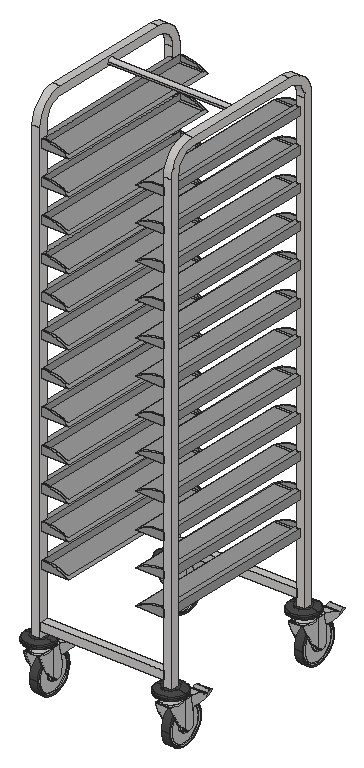
Revit family "QF_BOURGEAT_chariot_cafeteria_12plateaux_modele_demontable_couleur", category Equipement spécialisé, Revit 2015
Parameters (values of type "chariot_modele_haut_glissieres_beiges_sans_panneaux")
  panneaux_lateraux_verts = no
  panneaux_lateraux_rouges = no
  panneaux_lateraux_bleus = no
  URL catalogue = "http://www.bourgeat.fr"
  URL = ""
  Type article = ""
  Spécification du Fabricant = "CHARIOT CAFETERIA"
  Profondeur hors tout = 620 mm
  Poids net à vide = 18.00 kg
  Modèle = "781006"
  Longueur hors tout = 510 mm
  Hauteur hors tout = 1700 mm
  Fabricant = "BOURGEAT"
  Contact SAV = "0033(0)4.76.32.14.44"
  Charge max = 60.00 kg
Types (5, lengths in mm): name | panneaux_lateraux_verts | panneaux_lateraux_rouges | panneaux_lateraux_bleus | Poids net à vide | Modèle
  (no name) | no | no | no | 18.00 kg | "781006"
  chariot_modele_haut_glissieres_beiges_sans_panneaux | no | no | no | 18.00 kg | "781006"
  chariot_modele_haut_glissieres_beiges_avec_2panneaux_bleus | no | no | yes | 24.00 kg | "781206"
  chariot_modele_haut_glissieres_beiges_avec_2panneaux_verts | yes | no | no | 24.00 kg | "781306"
  chariot_modele_haut_glissieres_beiges_avec_2panneaux_rouges | no | yes | no | 24.00 kg | "781406"
Reference planes
  plane 1 "Centre (avant/arrière)": y = 0
  plane 2: z = 0
  plane 3 "Centre (gauche/droite)": x = 0
  plane 4: z = 227.8
  plane 5: z = 182
  plane 6: z = 202.8
  plane 7: y = 12.5
  plane 8: y = -12.5
  plane 9: x = 219.5
  plane 10: x = -219.5
  plane 11: z = 1570
  plane 12: z = 1462
  plane 13: z = 1354
  plane 14: z = 1246
  plane 15: z = 1138
  plane 16: z = 1030
  plane 17: z = 922
  plane 18: z = 814
  plane 19: z = 706
  plane 20: z = 598
  plane 21: z = 490
  plane 22: z = 382
  plane 23: z = 1674
  plane 24: x = -194.5
Forms (mm)
  Extrusion 1, solid, material "Acier inoxydable, brossé"
    sketch origin (0, 0, 0) x (0, 1, 0) y (0, 0, 1)
      loop
        line (-274, 228) -> (-274, 202.8) -> (-249, 202.8) -> (-249, 228) -> (-274, 228)
      loop
        line (249, 202.8) -> (274, 202.8) -> (274, 228) -> (249, 228) -> (249, 202.8)
    from -194.5 to 194.5
  Extrusion 2, solid, material "Acier inoxydable, brossé"
    sketch origin (0, 0, 0) x (0, 1, 0) y (0, 0, 1)
      loop
        circle (0, 1690.5) r 9
    from -194.5 to 194.5
Dimensions and locks
  plane 4 to plane 6 = 25 mm
  plane 10 to plane 9 = 439 mm
  plane 4 to plane 2 = 227.8 mm
  equal spacing: group 1, group 2, group 3, group 4, group 5, group 6, group 7, group 8, group 9, group 10, group 11, group 12  (x2)
  equal spacing: group 12, group 11, group 10, group 9, group 8, group 7, group 6, group 5, group 4, group 3, group 2, group 1
  aligned and locked: level to plane 2
  aligned and locked: plane 6 to Extrusion 1 sketch curve
  aligned and locked: Extrusion 1 sketch curve to plane 6
  aligned and locked: plane 10 to nested 4
  aligned and locked: plane 9 to nested 5
  aligned and locked: nested 4 to nested 1
  aligned and locked: nested 2 to nested 4
  aligned and locked: nested 3 to nested 5
  aligned and locked: nested 6 to nested 5
  aligned and locked: nested 5 to nested 6
  aligned and locked: Extrusion 1 to nested 5
  aligned and locked: Extrusion 1 to nested 4
  aligned and locked: Extrusion 2 to nested 5
  aligned and locked: Extrusion 2 to nested 4
  aligned and locked: plane 5 to nested 4
  aligned and locked: nested 5 to plane 5
  aligned and locked: plane 11 to nested 7
  aligned and locked: plane 24 to nested 7
  aligned and locked: plane 24 to nested 8
  aligned and locked: plane 24 to nested 4
  aligned and locked: plane 23 to nested 35
  aligned and locked: plane 23 to nested 32
  aligned and locked: plane 23 to nested 34
  aligned and locked: plane 23 to nested 36
  aligned and locked: nested 31 to nested 7
  aligned and locked: nested 33 to nested 7
  aligned and locked: nested 35 to nested 7
  aligned and locked: nested 32 to nested 19
  aligned and locked: nested 34 to nested 19
  aligned and locked: nested 36 to nested 19
Nested families
  nested 1: "ROULETTE_H182" at (-207, 261.5, 0), type "ROULETTE_H182"
    with Sans frein yes, Avec frein yes
  nested 2: "ROULETTE_H182" at (-207, -261.5, 0), type "ROULETTE_H182"
    with Sans frein yes, Avec frein yes
  nested 3: "ROULETTE_H182" at (207, -261.5, 0), type "ROULETTE_H182"
    with Sans frein yes, Avec frein yes
  nested 4: "montant_U_grand_modele" at (-207, 0, 182) x (0, 1, 0) z (0, 0, 1), type "montant_U_grand_modele"
  nested 5: "montant_U_grand_modele" at (207, 0, 182) x (0, 1, 0) z (0, 0, 1), type "montant_U_grand_modele"
  nested 6: "ROULETTE_H182" at (207, 261.5, 0), type "ROULETTE_H182"
    with Sans frein yes, Avec frein yes
  nested 7: "glissiere_polypropylene_beige" at (-204.5, 0, 1565), type "glissiere_polypropylene_beige"
  nested 8: "glissiere_polypropylene_beige" at (-204.5, 0, 1457), type "glissiere_polypropylene_beige"
  nested 9: "glissiere_polypropylene_beige" at (-204.5, 0, 1349), type "glissiere_polypropylene_beige"
  nested 10: "glissiere_polypropylene_beige" at (-204.5, 0, 1241), type "glissiere_polypropylene_beige"
  nested 11: "glissiere_polypropylene_beige" at (-204.5, 0, 1133), type "glissiere_polypropylene_beige"
  nested 12: "glissiere_polypropylene_beige" at (-204.5, 0, 1025), type "glissiere_polypropylene_beige"
  nested 13: "glissiere_polypropylene_beige" at (-204.5, 0, 917), type "glissiere_polypropylene_beige"
  nested 14: "glissiere_polypropylene_beige" at (-204.5, 0, 809), type "glissiere_polypropylene_beige"
  nested 15: "glissiere_polypropylene_beige" at (-204.5, 0, 701), type "glissiere_polypropylene_beige"
  nested 16: "glissiere_polypropylene_beige" at (-204.5, 0, 593), type "glissiere_polypropylene_beige"
  nested 17: "glissiere_polypropylene_beige" at (-204.5, 0, 485), type "glissiere_polypropylene_beige"
  nested 18: "glissiere_polypropylene_beige" at (-204.5, 0, 377), type "glissiere_polypropylene_beige"
  nested 19: "glissiere_polypropylene_beige" at (204.5, 0, 1565) x (-1, 0, 0) z (0, 0, 1), type "glissiere_polypropylene_beige"
  nested 20: "glissiere_polypropylene_beige" at (204.5, 0, 1457) x (-1, 0, 0) z (0, 0, 1), type "glissiere_polypropylene_beige"
  nested 21: "glissiere_polypropylene_beige" at (204.5, 0, 1349) x (-1, 0, 0) z (0, 0, 1), type "glissiere_polypropylene_beige"
  nested 22: "glissiere_polypropylene_beige" at (204.5, 0, 1241) x (-1, 0, 0) z (0, 0, 1), type "glissiere_polypropylene_beige"
  nested 23: "glissiere_polypropylene_beige" at (204.5, 0, 1133) x (-1, 0, 0) z (0, 0, 1), type "glissiere_polypropylene_beige"
  nested 24: "glissiere_polypropylene_beige" at (204.5, 0, 1025) x (-1, 0, 0) z (0, 0, 1), type "glissiere_polypropylene_beige"
  nested 25: "glissiere_polypropylene_beige" at (204.5, 0, 917) x (-1, 0, 0) z (0, 0, 1), type "glissiere_polypropylene_beige"
  nested 26: "glissiere_polypropylene_beige" at (204.5, 0, 809) x (-1, 0, 0) z (0, 0, 1), type "glissiere_polypropylene_beige"
  nested 27: "glissiere_polypropylene_beige" at (204.5, 0, 701) x (-1, 0, 0) z (0, 0, 1), type "glissiere_polypropylene_beige"
  nested 28: "glissiere_polypropylene_beige" at (204.5, 0, 593) x (-1, 0, 0) z (0, 0, 1), type "glissiere_polypropylene_beige"
  nested 29: "glissiere_polypropylene_beige" at (204.5, 0, 485) x (-1, 0, 0) z (0, 0, 1), type "glissiere_polypropylene_beige"
  nested 30: "glissiere_polypropylene_beige" at (204.5, 0, 377) x (-1, 0, 0) z (0, 0, 1), type "glissiere_polypropylene_beige"
  nested 31: "panneaux_lateraux_rouge_grand_modele" at (-208.5, 0, 254) x (0, 1, 0) z (0, 0, 1), visible <- "panneaux_lateraux_rouges", type "panneaux_lateraux_rouge_grand_modele"
  nested 32: "panneaux_lateraux_rouge_grand_modele" at (204.5, 0, 254) x (0, 1, 0) z (0, 0, 1), visible <- "panneaux_lateraux_rouges", type "panneaux_lateraux_rouge_grand_modele"
  nested 33: "panneaux_lateraux_bleus_grand_modele" at (-208.5, 0, 254) x (0, 1, 0) z (0, 0, 1), visible <- "panneaux_lateraux_bleus", type "panneaux_lateraux_bleus_grand_modele"
  nested 34: "panneaux_lateraux_bleus_grand_modele" at (204.5, 0, 254) x (0, 1, 0) z (0, 0, 1), visible <- "panneaux_lateraux_bleus", type "panneaux_lateraux_bleus_grand_modele"
  nested 35: "panneaux_lateraux_vert_grand_modele" at (-208.5, 0, 254) x (0, 1, 0) z (0, 0, 1), visible <- "panneaux_lateraux_verts", type "panneaux_lateraux_vert_grand_modele"
  nested 36: "panneaux_lateraux_vert_grand_modele" at (204.5, 0, 254) x (0, 1, 0) z (0, 0, 1), visible <- "panneaux_lateraux_verts", type "panneaux_lateraux_vert_grand_modele"
Definition of nested family "ROULETTE_H182"
  Parameters (values of type "ROULETTE_H182")
    Sans frein [instance] = yes
    Avec frein [instance] = yes
  Reference planes
    plane 1 "Centre (avant/arrière)": y = 0
    plane 2: z = 0
    plane 3 "Centre (gauche/droite)": x = 0
    plane 4: y = 40.851
    plane 5: z = 62.5
  Forms (mm)
    Extrusion 1, solid
      sketch origin (0, 0, 0) x (0, 1, 0) y (0, 0, 1)
        loop
          circle (40.851, 62.5) r 62.5
        loop
          circle (40.851, 62.5) r 57.5
      from -12.5 to 12.5
    Revolve 2, solid
      sketch origin (0, 0, 30.333) x (1, 0, 0) y (0, 0, 1)
        loop
          line (0, 151.667) -> (-25, 151.667) -> (-45.338, 146.217)
          arc (-45.338, 146.217) -> (-46.897, 145.175) -> (-47.5, 143.4) r 2.917
          line (-47.5, 143.4) -> (-47.5, 138.833)
          arc (-47.5, 138.833) -> (-47.012, 137.655) -> (-45.833, 137.167) r 1.667
          line (-45.833, 137.167) -> (-24.607, 137.167) -> (-24, 132.667) -> (0, 132.667) -> (0, 151.667)
        axis (0, 151.667) -> (0, 132.667)
      angle from 0 to 360
    Revolve 3, solid
      sketch origin (0, 0, 0) x (0, 1, 0) y (0, 0, 1)
        loop
          line (0, 163) -> (-20.149, 163) -> (-20.149, 159.41) -> (-21.6, 159.41)
          arc (-21.6, 159.41) -> (-24.448, 158.65) -> (-26.537, 156.572) r 5.712
          line (-26.537, 156.572) -> (-30.146, 147.743) -> (-26.999, 147.062) -> (-26.999, 146.112)
          arc (-26.999, 146.112) -> (-27.23, 145.314) -> (-27.849, 144.761) r 1.5
          arc (-27.849, 144.761) -> (-29.223, 143.633) -> (-29.923, 142) r 3.75
          line (-29.923, 142) -> (0, 142) -> (0, 163)
        axis (0, 163) -> (0, 142)
      angle from 0 to 360
    Extrusion 4, solid
      sketch origin (0, 0, 0) x (0, 1, 0) y (0, 0, -1)
        loop
          line (-29.974, -138.241) -> (-29.974, -142) -> (21.747, -142) -> (21.747, -60.336)
          arc (21.747, -60.336) -> (10.272, -70.702) -> (-0.149, -82.127) r 160.057
          arc (-0.149, -82.127) -> (-17.883, -108.684) -> (-29.974, -138.241) r 159.585
      from -24.913 to -23.038
    Extrusion 5, solid
      sketch origin (0, 0, 0) x (0, 1, 0) y (0, 0, 1)
        loop
          line (-29.974, 142) -> (-29.974, 140.869) -> (21.747, 140.869) -> (21.747, 142) -> (-29.974, 142)
      from -23.038 to 23.038
    Extrusion 6, solid
      sketch origin (0, 0, 0) x (0, 1, 0) y (0, 0, 1)
        loop
          circle (40.851, 62.5) r 57.5
        loop
          circle (40.851, 62.5) r 55
      from -12.5 to 12.5
    Extrusion 7, solid
      sketch origin (0, 0, 0) x (0, 1, 0) y (0, 0, 1)
        loop
          circle (40.851, 62.5) r 55
      from -7 to 7
    Extrusion 8, solid
      sketch origin (0, 0, 0) x (0, 1, 0) y (0, 0, 1)
        loop
          circle (40.851, 62.5) r 21
      from 7 to 15
    Extrusion 9, solid
      sketch origin (0, 0, 0) x (0, 1, 0) y (0, 0, -1)
        loop
          circle (40.851, -62.5) r 16
      from -23.038 to -15
    Extrusion 10, solid, visible <- "Sans frein"
      sketch origin (0, 0, 0) x (0, 1, 0) y (0, 0, 1)
        loop
          arc (21.747, 60.336) -> (23.188, 59.17) -> (24.642, 58.02) r 161.23
          arc (24.642, 58.02) -> (29.34, 54.513) -> (34.187, 51.216) r 133.333
          arc (34.187, 51.216) -> (46.517, 50.3) -> (53.927, 60.198) r 12.867
          arc (53.927, 60.198) -> (54.714, 99.183) -> (46.119, 137.216) r 161.222
          arc (46.119, 137.216) -> (45.679, 138.887) -> (45.531, 140.609) r 10.076
          line (45.531, 140.609) -> (45.531, 142) -> (21.747, 142) -> (21.747, 60.336)
      from 23.038 to 24.913
    Extrusion 11, solid, visible <- "Sans frein"
      sketch origin (0, 0, 0) x (0, 1, 0) y (0, 0, 1)
        loop
          line (21.747, 142) -> (21.747, 140.701) -> (48.851, 140.701) -> (48.851, 142) -> (21.747, 142)
      from -23.038 to 23.038
    Extrusion 12, solid, visible <- "Avec frein"
      sketch origin (0, 0, 0) x (0, 1, 0) y (0, 0, 1)
        loop
          line (21.747, 142) -> (21.747, 60.336)
          arc (21.747, 60.336) -> (23.177, 59.179) -> (24.62, 58.038) r 160.008
          arc (24.62, 58.038) -> (29.041, 54.705) -> (33.574, 51.527) r 160
          arc (33.574, 51.527) -> (46.135, 50.422) -> (53.724, 60.491) r 13
          arc (53.724, 60.491) -> (55.279, 82.092) -> (53.902, 103.704) r 160
          arc (53.902, 103.704) -> (55.53, 108.653) -> (60.415, 110.463) r 6
          arc (60.415, 110.463) -> (80.625, 109.924) -> (100.725, 112.107) r 150
          arc (100.725, 112.107) -> (104.408, 113.406) -> (107.479, 115.819) r 12
          line (107.479, 115.819) -> (110.851, 121.523)
          arc (110.851, 121.523) -> (85.913, 134.651) -> (58.706, 142) r 127.902
          line (58.706, 142) -> (21.747, 142)
      from 23.038 to 24.913
    Extrusion 13, solid, visible <- "Avec frein"
      sketch origin (0, 0, 0) x (0, 1, 0) y (0, 0, 1)
        loop
          line (58.706, 142) -> (21.747, 142) -> (21.747, 140) -> (58.552, 140)
          arc (58.552, 140) -> (85.253, 132.762) -> (109.73, 119.866) r 125.902
          line (109.73, 119.866) -> (110.851, 121.523)
          arc (110.851, 121.523) -> (85.913, 134.651) -> (58.706, 142) r 127.902
      from -23.038 to 23.038
    Extrusion 14, solid, visible <- "Avec frein"
      sketch origin (0, 19.896, 18.175) x (0, 1, 0) y (0, 0, 1)
        loop
          line (87.583, 97.644) -> (91.829, 95.227)
          arc (91.829, 95.227) -> (93.8, 95.006) -> (95.312, 96.29) r 2.5
          arc (95.312, 96.29) -> (103.495, 100.002) -> (111.176, 104.666) r 74.999
          line (111.176, 104.666) -> (110.852, 105.929)
          arc (110.852, 105.929) -> (110.04, 107.086) -> (108.666, 107.417) r 2
          arc (108.666, 107.417) -> (101.396, 105.849) -> (94.512, 103.034) r 42.354
          line (94.512, 103.034) -> (93.479, 101.228) -> (93.285, 100.414) -> (91.69, 101.675) -> (90.401, 102.412) -> (87.583, 97.644)
      from -23.038 to 23.038
    Extrusion 15, solid, not visible
      sketch origin (0, 0, 0) x (0, 1, 0) y (0, 0, -1)
        loop
          line (-29.974, -138.241) -> (-29.974, -142) -> (21.747, -142) -> (21.747, -60.336)
          arc (21.747, -60.336) -> (10.272, -70.702) -> (-0.149, -82.127) r 160.057
          arc (-0.149, -82.127) -> (-17.883, -108.684) -> (-29.974, -138.241) r 159.585
      from -24.913 to -23.038
    Extrusion 16, solid, not visible
      sketch origin (0, 0, 0) x (0, 1, 0) y (0, 0, 1)
        loop
          circle (40.851, 62.5) r 21
      from 7 to 15
    Extrusion 17, solid, not visible
      sketch origin (0, 0, 0) x (0, 1, 0) y (0, 0, -1)
        loop
          circle (40.851, -62.5) r 16
      from -23.038 to -15
    Extrusion 18, solid, visible <- "Sans frein", not visible
      sketch origin (0, 0, 0) x (0, 1, 0) y (0, 0, 1)
        loop
          arc (21.747, 60.336) -> (23.188, 59.17) -> (24.642, 58.02) r 161.23
          arc (24.642, 58.02) -> (29.34, 54.513) -> (34.187, 51.216) r 133.333
          arc (34.187, 51.216) -> (46.517, 50.3) -> (53.927, 60.198) r 12.867
          arc (53.927, 60.198) -> (54.714, 99.183) -> (46.119, 137.216) r 161.222
          arc (46.119, 137.216) -> (45.679, 138.887) -> (45.531, 140.609) r 10.076
          line (45.531, 140.609) -> (45.531, 142) -> (21.747, 142) -> (21.747, 60.336)
      from 23.038 to 24.913
    Extrusion 19, solid, visible <- "Avec frein", not visible
      sketch origin (0, 0, 0) x (0, 1, 0) y (0, 0, 1)
        loop
          line (21.747, 142) -> (21.747, 60.336)
          arc (21.747, 60.336) -> (23.177, 59.179) -> (24.62, 58.038) r 160.008
          arc (24.62, 58.038) -> (29.041, 54.705) -> (33.574, 51.527) r 160
          arc (33.574, 51.527) -> (46.135, 50.422) -> (53.724, 60.491) r 13
          arc (53.724, 60.491) -> (55.279, 82.092) -> (53.902, 103.704) r 160
          arc (53.902, 103.704) -> (55.53, 108.653) -> (60.415, 110.463) r 6
          arc (60.415, 110.463) -> (80.625, 109.924) -> (100.725, 112.107) r 150
          arc (100.725, 112.107) -> (104.408, 113.406) -> (107.479, 115.819) r 12
          line (107.479, 115.819) -> (110.851, 121.523)
          arc (110.851, 121.523) -> (85.913, 134.651) -> (58.706, 142) r 127.902
          line (58.706, 142) -> (21.747, 142)
      from 23.038 to 24.913
    Extrusion 20, solid
      sketch origin (0, 0, 0) x (0, -1, 0) y (0, 0, -1)
        loop
          arc (29.974, -138.241) -> (17.883, -108.684) -> (0.149, -82.127) r 159.585
          arc (0.149, -82.127) -> (-10.272, -70.702) -> (-21.747, -60.336) r 160.057
          line (-21.747, -60.336) -> (-21.747, -142) -> (29.974, -142) -> (29.974, -138.241)
      from -24.913 to -23.038
    Extrusion 21, solid
      sketch origin (0, 0, 0) x (0, -1, 0) y (0, 0, 1)
        loop
          circle (-40.851, 62.5) r 21
      from 7 to 15
    Extrusion 22, solid
      sketch origin (0, 0, 0) x (0, -1, 0) y (0, 0, -1)
        loop
          circle (-40.851, -62.5) r 16
      from -23.038 to -15
    Extrusion 23, solid, visible <- "Sans frein"
      sketch origin (0, 0, 0) x (0, -1, 0) y (0, 0, 1)
        loop
          line (-21.747, 60.336) -> (-21.747, 142) -> (-45.531, 142) -> (-45.531, 140.609)
          arc (-45.531, 140.609) -> (-45.679, 138.887) -> (-46.119, 137.216) r 10.076
          arc (-46.119, 137.216) -> (-54.714, 99.183) -> (-53.927, 60.198) r 161.222
          arc (-53.927, 60.198) -> (-46.517, 50.3) -> (-34.187, 51.216) r 12.867
          arc (-34.187, 51.216) -> (-29.34, 54.513) -> (-24.642, 58.02) r 133.333
          arc (-24.642, 58.02) -> (-23.188, 59.17) -> (-21.747, 60.336) r 161.23
      from 23.038 to 24.913
    Extrusion 24, solid, visible <- "Avec frein"
      sketch origin (0, 0, 0) x (0, -1, 0) y (0, 0, 1)
        loop
          line (-21.747, 142) -> (-58.706, 142)
          arc (-58.706, 142) -> (-85.913, 134.651) -> (-110.851, 121.523) r 127.902
          line (-110.851, 121.523) -> (-107.479, 115.819)
          arc (-107.479, 115.819) -> (-104.408, 113.406) -> (-100.725, 112.107) r 12
          arc (-100.725, 112.107) -> (-80.625, 109.924) -> (-60.415, 110.463) r 150
          arc (-60.415, 110.463) -> (-55.53, 108.653) -> (-53.902, 103.704) r 6
          arc (-53.902, 103.704) -> (-55.279, 82.092) -> (-53.724, 60.491) r 160
          arc (-53.724, 60.491) -> (-46.135, 50.422) -> (-33.574, 51.527) r 13
          arc (-33.574, 51.527) -> (-29.041, 54.705) -> (-24.62, 58.038) r 160
          arc (-24.62, 58.038) -> (-23.177, 59.179) -> (-21.747, 60.336) r 160.008
          line (-21.747, 60.336) -> (-21.747, 142)
      from 23.038 to 24.913
  Dimensions and locks
    aligned and locked: level to plane 2
Definition of nested family "montant_U_grand_modele"
  Reference planes
    plane 1 "Centre (avant/arrière)": y = 0
    plane 2: z = 0
    plane 3 "Centre (gauche/droite)": x = 0
    plane 4: x = -261.5
    plane 5: x = 261.5
    plane 6: z = 1508.5
  Forms (mm)
    Sweep 1, solid
      path origin (0, 0, 0) x (1, 0, 0) y (0, 0, 1)
        loop
          line (-261.5, 0) -> (-261.5, 1438.5)
          arc (-261.5, 1438.5) -> (-240.997, 1487.997) -> (-191.5, 1508.5) r 70
          line (-191.5, 1508.5) -> (191.5, 1508.5)
          arc (191.5, 1508.5) -> (240.997, 1487.997) -> (261.5, 1438.5) r 70
          line (261.5, 1438.5) -> (261.5, 0)
      profile origin (-261.5, 0, 719.25) x (-1, 0, 0) y (0, -1, 0)
        loop
          line (-12.5, -12.5) -> (12.5, -12.5) -> (12.5, 12.5) -> (-12.5, 12.5) -> (-12.5, -12.5)
  Dimensions and locks
    equal spacing: plane 4, plane 3 "Centre (gauche/droite)", plane 5
    plane 6 to plane 2 = 1508.5 mm
    Sweep 1 to Sweep 1 = 548 mm
    aligned and locked: level to plane 2
    aligned and locked: Sweep 1 sketch curve to plane 4
    aligned and locked: Sweep 1 sketch curve to plane 6
    aligned and locked: Sweep 1 sketch curve to plane 5
  Automatic sketch dimensions
    Sweep 1 sketch curve to level = 0 mm  (x2)
    Sweep 1 sketch curve to plane 4 = 70 mm
    Sweep 1 sketch curve to Sweep 1 sketch curve = 70 mm
    Sweep 1 sketch curve to plane 1 "Centre (avant/arrière)" = 12.5 mm
    plane 1 "Centre (avant/arrière)" to Sweep 1 sketch curve = 12.5 mm
    profile plane to Sweep 1 sketch curve = 12.5 mm
    Sweep 1 sketch curve to profile plane = 12.5 mm
Definition of nested family "glissiere_polypropylene_beige"
  Reference planes
    plane 1 "Centre (avant/arrière)": y = 0
    plane 2: z = 0
    plane 3 "Centre (gauche/droite)": x = 0
    plane 4: z = 25
    plane 5: x = 100
    plane 6: x = 22
    plane 7: y = 272.5
    plane 8: y = -272.5
    plane 9: x = 15
    plane 10: y = -267.5
    plane 11: z = 5
    plane 12: y = 267.5
    plane 13: y = 247.7
    plane 14: y = -247.7
    plane 15: x = 10
  Forms (mm)
    Extrusion 1, solid
      sketch origin (0, 0, 0) x (1, 0, 0) y (0, 0, 1)
        loop
          line (0, 25) -> (0, 0) -> (100, 0)
          arc (100, 0) -> (62.954, 18.597) -> (22, 25) r 134.18
          line (22, 25) -> (0, 25)
      from -272.5 to 272.5
    Extrusion 2, void
      sketch origin (0, 0, 0) x (0, 1, 0) y (0, 0, 1)
        loop
          line (-264, 5) -> (264, 5)
          arc (264, 5) -> (266.475, 6.025) -> (267.5, 8.5) r 3.5
          line (267.5, 8.5) -> (267.5, 43.902) -> (-267.5, 43.902) -> (-267.5, 8.5)
          arc (-267.5, 8.5) -> (-266.475, 6.025) -> (-264, 5) r 3.5
      from 15 to 250
    Extrusion 3, void
      sketch origin (0, 0, 0) x (1, 0, 0) y (0, 1, 0)
        loop
          line (10, 247.7) -> (10, 289.852) -> (-26.988, 289.852) -> (-26.988, 247.7) -> (10, 247.7)
        loop
          line (10, -247.7) -> (-17.716, -247.7) -> (-17.716, -285.125) -> (10, -285.125) -> (10, -247.7)
      from -29.595 to 250
  Cuts and joins
    Extrusion 2, Extrusion 3 cuts Extrusion 1
  Dimensions and locks
    aligned and locked: level to plane 2
    aligned and locked: Extrusion 1 sketch curve to plane 3 "Centre (gauche/droite)"
    aligned and locked: Extrusion 1 sketch curve to plane 2
    aligned and locked: Extrusion 1 sketch curve to plane 4
    aligned and locked: plane 7 to Extrusion 1
    aligned and locked: plane 8 to Extrusion 1
    aligned and locked: Extrusion 2 sketch curve to plane 11
    aligned and locked: Extrusion 2 sketch curve to plane 10
    aligned and locked: plane 12 to Extrusion 2 sketch curve
    aligned and locked: Extrusion 2 to plane 9
    aligned and locked: plane 13 to Extrusion 3 sketch curve
    aligned and locked: plane 15 to Extrusion 3 sketch curve
    aligned and locked: plane 14 to Extrusion 3 sketch curve
    aligned and locked: Extrusion 3 sketch curve to plane 15
Definition of nested family "panneaux_lateraux_rouge_grand_modele"
  Reference planes
    plane 1 "Centre (avant/arrière)": y = 0
    plane 2: z = 0
    plane 3 "Centre (gauche/droite)": x = 0
    plane 4: x = -244
    plane 5: x = 244
    plane 6: z = 1420
    plane 7: y = -4
  Forms (mm)
    Extrusion 1, solid
      sketch origin (0, 0, 0) x (1, 0, 0) y (0, 0, 1)
        loop
          arc (-191.5, 1420) -> (-228.623, 1404.623) -> (-244, 1367.5) r 52.5
          line (-244, 1367.5) -> (-244, 0) -> (244, 0) -> (244, 1367.5)
          arc (244, 1367.5) -> (228.623, 1404.623) -> (191.5, 1420) r 52.5
          line (191.5, 1420) -> (-191.5, 1420)
      from 0 to 4
  Dimensions and locks
    plane 6 to plane 2 = 1420 mm
    plane 4 to plane 3 "Centre (gauche/droite)" = 244 mm
    plane 5 to plane 3 "Centre (gauche/droite)" = 244 mm
    aligned and locked: level to plane 2
    aligned and locked: Extrusion 1 sketch curve to plane 6
    aligned and locked: Extrusion 1 sketch curve to plane 4
    aligned and locked: plane 2 to Extrusion 1 sketch curve
    aligned and locked: Extrusion 1 sketch curve to plane 5
    aligned and locked: Extrusion 1 to plane 7
Definition of nested family "panneaux_lateraux_bleus_grand_modele"
  Reference planes
    plane 1 "Centre (avant/arrière)": y = 0
    plane 2: z = 0
    plane 3 "Centre (gauche/droite)": x = 0
    plane 4: x = -244
    plane 5: x = 244
    plane 6: z = 1420
    plane 7: y = -4
  Forms (mm)
    Extrusion 1, solid
      sketch origin (0, 0, 0) x (1, 0, 0) y (0, 0, 1)
        loop
          arc (-191.5, 1420) -> (-228.623, 1404.623) -> (-244, 1367.5) r 52.5
          line (-244, 1367.5) -> (-244, 0) -> (244, 0) -> (244, 1367.5)
          arc (244, 1367.5) -> (228.623, 1404.623) -> (191.5, 1420) r 52.5
          line (191.5, 1420) -> (-191.5, 1420)
      from 0 to 4
  Dimensions and locks
    plane 4 to plane 3 "Centre (gauche/droite)" = 244 mm
    plane 5 to plane 3 "Centre (gauche/droite)" = 244 mm
    plane 6 to plane 2 = 1420 mm
    aligned and locked: level to plane 2
    aligned and locked: Extrusion 1 sketch curve to plane 6
    aligned and locked: Extrusion 1 sketch curve to plane 4
    aligned and locked: plane 2 to Extrusion 1 sketch curve
    aligned and locked: Extrusion 1 sketch curve to plane 5
    aligned and locked: Extrusion 1 to plane 7
Definition of nested family "panneaux_lateraux_vert_grand_modele"
  Reference planes
    plane 1 "Centre (avant/arrière)": y = 0
    plane 2: z = 0
    plane 3 "Centre (gauche/droite)": x = 0
    plane 4: x = -244
    plane 5: x = 244
    plane 6: z = 1420
    plane 7: y = -4
  Forms (mm)
    Extrusion 1, solid
      sketch origin (0, 0, 0) x (1, 0, 0) y (0, 0, 1)
        loop
          arc (-191.5, 1420) -> (-228.623, 1404.623) -> (-244, 1367.5) r 52.5
          line (-244, 1367.5) -> (-244, 0) -> (244, 0) -> (244, 1367.5)
          arc (244, 1367.5) -> (228.623, 1404.623) -> (191.5, 1420) r 52.5
          line (191.5, 1420) -> (-191.5, 1420)
      from 0 to 4
  Dimensions and locks
    plane 6 to plane 2 = 1420 mm
    plane 4 to plane 3 "Centre (gauche/droite)" to plane 5 = 244 mm, 244 mm
    aligned and locked: level to plane 2
    aligned and locked: Extrusion 1 sketch curve to plane 6
    aligned and locked: Extrusion 1 sketch curve to plane 4
    aligned and locked: plane 2 to Extrusion 1 sketch curve
    aligned and locked: Extrusion 1 sketch curve to plane 5
    aligned and locked: Extrusion 1 to plane 7
